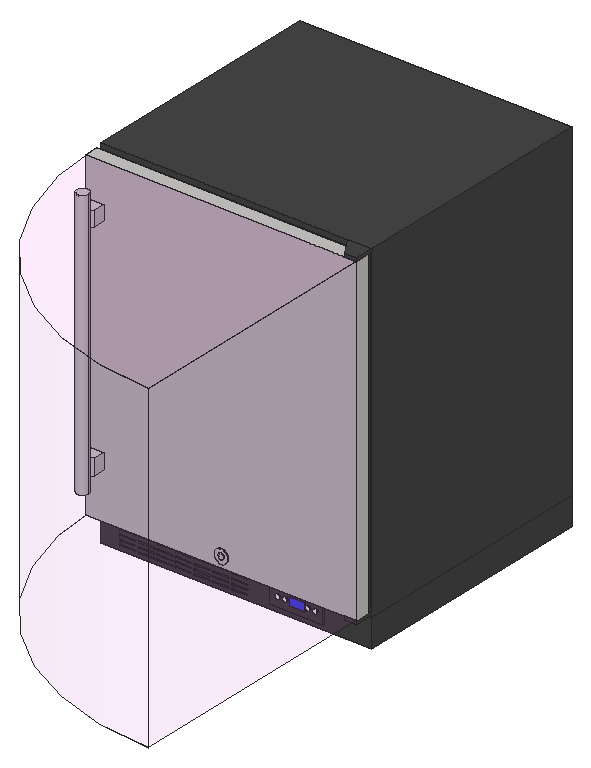
Revit family "QF_Summit_ALFZ51_Frost_Free_All_Freezer", category Specialty Equipment, Revit 2020
Family settings
  Round Connector Dimension = Use Diameter
  Part Type = Normal
  Work Plane-Based = No
  Always vertical = Yes
  Cut with Voids When Loaded = No
  Shared = No
  Room Calculation Point = No
Parameters
  Weight in Pounds = 95
  Watts = Volts * FL Amps  # 149.5 W
  Volts = 115 V
  URL Cutsheet = ""
  Specification by User = ""
  Specification by Manufacturer = ""
  Show Clearance [instance] = yes
  Serial Number = ""
  Seismic Rating = ""
  SMACNA No = ""
  Revision Code = ""
  Refrigerant Volume = 0.00 kip
  Refrigerant Type = "R600a"
  Phase = 1
  Number of Poles = 1
  NAFEM Spec ID Number = ""
  Model = "ALFZ51"
  Min Ckt Ampacity = 0 A
  Max Overcurrent Protection = 0 A
  Masterspec = ""
  Manufacturer = "Summit"
  Length = 23.38"
  Item Number = ""
  Installed By = ""
  Identify Quantity as Lot = yes
  Height = 31.63"
  HP = ""
  Furnished By = ""
  Foodservice Equipment Identifier = yes
  FL Amps = 1.3 A
  Electrical Remarks = ""
  Electric Connection Type = ""
  Elec Conn RI Height = 0"
  Elec Conn Connection Height = 0"
  Description = "Frost Free All Freezer"
  Depth = 23.38"
  Default Elevation = 0"
  Cycle = 60 Hz
  Conn Plug = ""
  Conn Conduit = yes
  CSI MasterFormat = ""
  BTUH = 0.0 Btu/h
  Apparent Power = if(Phase = 3, Volts * FL Amps * 1.73, Volts * FL Amps)  # 149.5 VA
Reference planes (in)
  plane 1 "BACK": y = 0
  plane 2: z = 0
  plane 3 "LEFT": x = 0
  plane 4 "RIGHT": x = 23.38
  plane 5 "FRONT": y = -23.38
  plane 6 "TOP": z = 31.63
  plane 7 "Center Y": x = 11.69
  plane 8 "Center X": y = -11.69
Dimensions and locks (in)
  equal spacing: plane 3 "LEFT", plane 7 "Center Y", plane 4 "RIGHT"
  "Length": plane 3 "LEFT" to plane 4 "RIGHT"
  equal spacing: plane 5 "FRONT", plane 8 "Center X", plane 1 "BACK"
  "Depth": plane 5 "FRONT" to plane 1 "BACK"
  "Height": plane 6 "TOP" to level
  aligned and locked: level to plane 2
Nested families (in)
  nested 1: "ALFZ51" at (0, 0, 0), Show Clearance <- "Show Clearance", type "ALFZ51"
    with Show Clearance yes
Connectors (in)
  electrical at (19.93943, -0.21875, 1.68737), driven by "Volts", driven by "Watts"
    settings: on nested 1, index 1, voltage 115 V, apparent load 149.5 VA, apparent load phase1 0 VA, apparent load phase2 0 VA, apparent load phase3 0 VA, power factor 1, load classification "Other", number of poles 1, system type 30, power factor state 1, is connector primary yes, connector utility no, sub classification motor no, connector description "ELECTRICAL CONNECTION"
Definition of nested family "ALFZ51"
  Parameters (values of type "ALFZ51")
    Weight in Pounds = 0
    URL Cutsheet = ""
    Specification by User = ""
    Specification by Manufacturer = ""
    Show Clearance [instance] = yes
    Serial Number = ""
    Seismic Rating = ""
    SMACNA No = ""
    Revision Code = ""
    NAFEM Spec ID Number = ""
    Masterspec = ""
    Length = 23.38"
    Item Number = ""
    Installed By = ""
    Identify Quantity as Lot = yes
    Height = 31.63"
    Furnished By = ""
    Foodservice Equipment Identifier = yes
    Depth = 23.38"
    Default Elevation = 0"
    CSI MasterFormat = ""
  Reference planes (in)
    plane 1 "BACK": y = 0
    plane 2: z = 0
    plane 3 "LEFT": x = 0
    plane 4 "RIGHT": x = 23.38
    plane 5 "FRONT": y = -23.38
    plane 6 "TOP": z = 31.63
    plane 7 "Center Y": x = 11.69
    plane 8 "Center X": y = -11.69
    plane 9: y = -45.75
  Forms (in)
    Extrusion 1, solid
      sketch origin (-1.19858, -180, 3.125) x (-1, 0, 0) y (0, -1, 0)
        loop
          line (-1.19858, -179.75) -> (-1.19858, -158.25) -> (-24.57858, -158.25) -> (-24.57858, -179.75) -> (-1.19858, -179.75)
      from 0 to 28.505
    Extrusion 2, solid
      sketch origin (-1.19858, -180, 0.75) x (-1, 0, 0) y (0, -1, 0)
        loop
          line (-1.19858, -179.75) -> (-1.19858, -158.25) -> (-24.57858, -158.25) -> (-24.57858, -179.75) -> (-1.19858, -179.75)
      from 0 to 2.375
    Extrusion 3, solid
      sketch origin (-1.19858, -180, 3.625) x (-1, 0, 0) y (0, -1, 0)
        loop
          line (-1.19858, -157.81559) -> (-1.19858, -156.62) -> (-24.57858, -156.62) -> (-24.57858, -157.81559) -> (-1.19858, -157.81559)
      from 0 to 27.755
    Extrusion 4, solid
      sketch origin (-1.19858, -180, 3.875) x (-1, 0, 0) y (0, -1, 0)
        loop
          line (-1.391, -158.25) -> (-1.391, -157.81559) -> (-24.38717, -157.81559) -> (-24.38717, -158.25) -> (-1.391, -158.25)
      from 0 to 27.2937
    Extrusion 5, solid
      sketch origin (19.07079, -23.38, 3.625) x (-1, 0, 0) y (0, 0, -1)
        loop
          circle (7.34954, -0.91071) r 0.58585
        loop
          circle (7.34954, -0.91071) r 0.25
      from 0 to 0.03125
    Extrusion 6, solid
      sketch origin (19.07079, -23.38, 3.625) x (-1, 0, 0) y (0, 0, -1)
        loop
          circle (7.34954, -0.91071) r 0.24329
      from 0 to 0.03125
    Extrusion 7, void
      sketch origin (24.38723, -21.75, 0.75) x (1, 0, 0) y (0, 0, -1)
        loop
          line (-22.653, -2.26458) -> (-21.38384, -2.26458)
          arc (-21.38384, -2.26458) -> (-21.29009, -2.17083) -> (-21.38384, -2.07708) r 0.09375
          line (-21.38384, -2.07708) -> (-22.653, -2.07708)
          arc (-22.653, -2.07708) -> (-22.74675, -2.17083) -> (-22.653, -2.26458) r 0.09375
        loop
          line (-22.653, -1.79583) -> (-21.38384, -1.79583)
          arc (-21.38384, -1.79583) -> (-21.29009, -1.70208) -> (-21.38384, -1.60833) r 0.09375
          line (-21.38384, -1.60833) -> (-22.653, -1.60833)
          arc (-22.653, -1.60833) -> (-22.74675, -1.70208) -> (-22.653, -1.79583) r 0.09375
        loop
          line (-22.653, -1.29583) -> (-21.38384, -1.29583)
          arc (-21.38384, -1.29583) -> (-21.29009, -1.20208) -> (-21.38384, -1.10833) r 0.09375
          line (-21.38384, -1.10833) -> (-22.653, -1.10833)
          arc (-22.653, -1.10833) -> (-22.74675, -1.20208) -> (-22.653, -1.29583) r 0.09375
        loop
          line (-22.653, -0.89871) -> (-21.38384, -0.89871)
          arc (-21.38384, -0.89871) -> (-21.29009, -0.80496) -> (-21.38384, -0.71121) r 0.09375
          line (-21.38384, -0.71121) -> (-22.653, -0.71121)
          arc (-22.653, -0.71121) -> (-22.74675, -0.80496) -> (-22.653, -0.89871) r 0.09375
        loop
          line (-22.653, -0.51652) -> (-21.38384, -0.51652)
          arc (-21.38384, -0.51652) -> (-21.29009, -0.42277) -> (-21.38384, -0.32902) r 0.09375
          line (-21.38384, -0.32902) -> (-22.653, -0.32902)
          arc (-22.653, -0.32902) -> (-22.74675, -0.42277) -> (-22.653, -0.51652) r 0.09375
        loop
          line (-21.00163, -2.26458) -> (-19.73247, -2.26458)
          arc (-19.73247, -2.26458) -> (-19.63872, -2.17083) -> (-19.73247, -2.07708) r 0.09375
          line (-19.73247, -2.07708) -> (-21.00163, -2.07708)
          arc (-21.00163, -2.07708) -> (-21.09538, -2.17083) -> (-21.00163, -2.26458) r 0.09375
        loop
          line (-21.00163, -1.79583) -> (-19.73247, -1.79583)
          arc (-19.73247, -1.79583) -> (-19.63872, -1.70208) -> (-19.73247, -1.60833) r 0.09375
          line (-19.73247, -1.60833) -> (-21.00163, -1.60833)
          arc (-21.00163, -1.60833) -> (-21.09538, -1.70208) -> (-21.00163, -1.79583) r 0.09375
        loop
          line (-21.00163, -1.29583) -> (-19.73247, -1.29583)
          arc (-19.73247, -1.29583) -> (-19.63872, -1.20208) -> (-19.73247, -1.10833) r 0.09375
          line (-19.73247, -1.10833) -> (-21.00163, -1.10833)
          arc (-21.00163, -1.10833) -> (-21.09538, -1.20208) -> (-21.00163, -1.29583) r 0.09375
        loop
          line (-21.00163, -0.89871) -> (-19.73247, -0.89871)
          arc (-19.73247, -0.89871) -> (-19.63872, -0.80496) -> (-19.73247, -0.71121) r 0.09375
          line (-19.73247, -0.71121) -> (-21.00163, -0.71121)
          arc (-21.00163, -0.71121) -> (-21.09538, -0.80496) -> (-21.00163, -0.89871) r 0.09375
        loop
          line (-21.00163, -0.51652) -> (-19.73247, -0.51652)
          arc (-19.73247, -0.51652) -> (-19.63872, -0.42277) -> (-19.73247, -0.32902) r 0.09375
          line (-19.73247, -0.32902) -> (-21.00163, -0.32902)
          arc (-21.00163, -0.32902) -> (-21.09538, -0.42277) -> (-21.00163, -0.51652) r 0.09375
        loop
          line (-19.41639, -2.26458) -> (-18.14723, -2.26458)
          arc (-18.14723, -2.26458) -> (-18.05348, -2.17083) -> (-18.14723, -2.07708) r 0.09375
          line (-18.14723, -2.07708) -> (-19.41639, -2.07708)
          arc (-19.41639, -2.07708) -> (-19.51014, -2.17083) -> (-19.41639, -2.26458) r 0.09375
        loop
          line (-19.41639, -1.79583) -> (-18.14723, -1.79583)
          arc (-18.14723, -1.79583) -> (-18.05348, -1.70208) -> (-18.14723, -1.60833) r 0.09375
          line (-18.14723, -1.60833) -> (-19.41639, -1.60833)
          arc (-19.41639, -1.60833) -> (-19.51014, -1.70208) -> (-19.41639, -1.79583) r 0.09375
        loop
          line (-19.41639, -1.29583) -> (-18.14723, -1.29583)
          arc (-18.14723, -1.29583) -> (-18.05348, -1.20208) -> (-18.14723, -1.10833) r 0.09375
          line (-18.14723, -1.10833) -> (-19.41639, -1.10833)
          arc (-19.41639, -1.10833) -> (-19.51014, -1.20208) -> (-19.41639, -1.29583) r 0.09375
        loop
          line (-19.41639, -0.89871) -> (-18.14723, -0.89871)
          arc (-18.14723, -0.89871) -> (-18.05348, -0.80496) -> (-18.14723, -0.71121) r 0.09375
          line (-18.14723, -0.71121) -> (-19.41639, -0.71121)
          arc (-19.41639, -0.71121) -> (-19.51014, -0.80496) -> (-19.41639, -0.89871) r 0.09375
        loop
          line (-19.41639, -0.51652) -> (-18.14723, -0.51652)
          arc (-18.14723, -0.51652) -> (-18.05348, -0.42277) -> (-18.14723, -0.32902) r 0.09375
          line (-18.14723, -0.32902) -> (-19.41639, -0.32902)
          arc (-19.41639, -0.32902) -> (-19.51014, -0.42277) -> (-19.41639, -0.51652) r 0.09375
        loop
          line (-17.85389, -2.26458) -> (-16.58473, -2.26458)
          arc (-16.58473, -2.26458) -> (-16.49098, -2.17083) -> (-16.58473, -2.07708) r 0.09375
          line (-16.58473, -2.07708) -> (-17.85389, -2.07708)
          arc (-17.85389, -2.07708) -> (-17.94764, -2.17083) -> (-17.85389, -2.26458) r 0.09375
        loop
          line (-17.85389, -1.79583) -> (-16.58473, -1.79583)
          arc (-16.58473, -1.79583) -> (-16.49098, -1.70208) -> (-16.58473, -1.60833) r 0.09375
          line (-16.58473, -1.60833) -> (-17.85389, -1.60833)
          arc (-17.85389, -1.60833) -> (-17.94764, -1.70208) -> (-17.85389, -1.79583) r 0.09375
        loop
          line (-17.85389, -1.29583) -> (-16.58473, -1.29583)
          arc (-16.58473, -1.29583) -> (-16.49098, -1.20208) -> (-16.58473, -1.10833) r 0.09375
          line (-16.58473, -1.10833) -> (-17.85389, -1.10833)
          arc (-17.85389, -1.10833) -> (-17.94764, -1.20208) -> (-17.85389, -1.29583) r 0.09375
        loop
          line (-17.85389, -0.89871) -> (-16.58473, -0.89871)
          arc (-16.58473, -0.89871) -> (-16.49098, -0.80496) -> (-16.58473, -0.71121) r 0.09375
          line (-16.58473, -0.71121) -> (-17.85389, -0.71121)
          arc (-17.85389, -0.71121) -> (-17.94764, -0.80496) -> (-17.85389, -0.89871) r 0.09375
        loop
          line (-17.85389, -0.51652) -> (-16.58473, -0.51652)
          arc (-16.58473, -0.51652) -> (-16.49098, -0.42277) -> (-16.58473, -0.32902) r 0.09375
          line (-16.58473, -0.32902) -> (-17.85389, -0.32902)
          arc (-17.85389, -0.32902) -> (-17.94764, -0.42277) -> (-17.85389, -0.51652) r 0.09375
        loop
          line (-16.22889, -2.26458) -> (-14.95973, -2.26458)
          arc (-14.95973, -2.26458) -> (-14.86598, -2.17083) -> (-14.95973, -2.07708) r 0.09375
          line (-14.95973, -2.07708) -> (-16.22889, -2.07708)
          arc (-16.22889, -2.07708) -> (-16.32264, -2.17083) -> (-16.22889, -2.26458) r 0.09375
        loop
          line (-16.22889, -1.79583) -> (-14.95973, -1.79583)
          arc (-14.95973, -1.79583) -> (-14.86598, -1.70208) -> (-14.95973, -1.60833) r 0.09375
          line (-14.95973, -1.60833) -> (-16.22889, -1.60833)
          arc (-16.22889, -1.60833) -> (-16.32264, -1.70208) -> (-16.22889, -1.79583) r 0.09375
        loop
          line (-16.22889, -1.29583) -> (-14.95973, -1.29583)
          arc (-14.95973, -1.29583) -> (-14.86598, -1.20208) -> (-14.95973, -1.10833) r 0.09375
          line (-14.95973, -1.10833) -> (-16.22889, -1.10833)
          arc (-16.22889, -1.10833) -> (-16.32264, -1.20208) -> (-16.22889, -1.29583) r 0.09375
        loop
          line (-16.22889, -0.89871) -> (-14.95973, -0.89871)
          arc (-14.95973, -0.89871) -> (-14.86598, -0.80496) -> (-14.95973, -0.71121) r 0.09375
          line (-14.95973, -0.71121) -> (-16.22889, -0.71121)
          arc (-16.22889, -0.71121) -> (-16.32264, -0.80496) -> (-16.22889, -0.89871) r 0.09375
        loop
          line (-16.22889, -0.51652) -> (-14.95973, -0.51652)
          arc (-14.95973, -0.51652) -> (-14.86598, -0.42277) -> (-14.95973, -0.32902) r 0.09375
          line (-14.95973, -0.32902) -> (-16.22889, -0.32902)
          arc (-16.22889, -0.32902) -> (-16.32264, -0.42277) -> (-16.22889, -0.51652) r 0.09375
        loop
          line (-14.61518, -2.26458) -> (-13.34603, -2.26458)
          arc (-13.34603, -2.26458) -> (-13.25228, -2.17083) -> (-13.34603, -2.07708) r 0.09375
          line (-13.34603, -2.07708) -> (-14.61518, -2.07708)
          arc (-14.61518, -2.07708) -> (-14.70893, -2.17083) -> (-14.61518, -2.26458) r 0.09375
        loop
          line (-14.61518, -1.79583) -> (-13.34603, -1.79583)
          arc (-13.34603, -1.79583) -> (-13.25228, -1.70208) -> (-13.34603, -1.60833) r 0.09375
          line (-13.34603, -1.60833) -> (-14.61518, -1.60833)
          arc (-14.61518, -1.60833) -> (-14.70893, -1.70208) -> (-14.61518, -1.79583) r 0.09375
        loop
          line (-14.61518, -1.29583) -> (-13.34603, -1.29583)
          arc (-13.34603, -1.29583) -> (-13.25228, -1.20208) -> (-13.34603, -1.10833) r 0.09375
          line (-13.34603, -1.10833) -> (-14.61518, -1.10833)
          arc (-14.61518, -1.10833) -> (-14.70893, -1.20208) -> (-14.61518, -1.29583) r 0.09375
        loop
          line (-14.61518, -0.89871) -> (-13.34603, -0.89871)
          arc (-13.34603, -0.89871) -> (-13.25228, -0.80496) -> (-13.34603, -0.71121) r 0.09375
          line (-13.34603, -0.71121) -> (-14.61518, -0.71121)
          arc (-14.61518, -0.71121) -> (-14.70893, -0.80496) -> (-14.61518, -0.89871) r 0.09375
        loop
          line (-14.61518, -0.51652) -> (-13.34603, -0.51652)
          arc (-13.34603, -0.51652) -> (-13.25228, -0.42277) -> (-13.34603, -0.32902) r 0.09375
          line (-13.34603, -0.32902) -> (-14.61518, -0.32902)
          arc (-14.61518, -0.32902) -> (-14.70893, -0.42277) -> (-14.61518, -0.51652) r 0.09375
        loop
          line (-12.95893, -2.26458) -> (-11.68978, -2.26458)
          arc (-11.68978, -2.26458) -> (-11.59603, -2.17083) -> (-11.68978, -2.07708) r 0.09375
          line (-11.68978, -2.07708) -> (-12.95893, -2.07708)
          arc (-12.95893, -2.07708) -> (-13.05268, -2.17083) -> (-12.95893, -2.26458) r 0.09375
        loop
          line (-12.95893, -1.79583) -> (-11.68978, -1.79583)
          arc (-11.68978, -1.79583) -> (-11.59603, -1.70208) -> (-11.68978, -1.60833) r 0.09375
          line (-11.68978, -1.60833) -> (-12.95893, -1.60833)
          arc (-12.95893, -1.60833) -> (-13.05268, -1.70208) -> (-12.95893, -1.79583) r 0.09375
        loop
          line (-12.95893, -1.29583) -> (-11.68978, -1.29583)
          arc (-11.68978, -1.29583) -> (-11.59603, -1.20208) -> (-11.68978, -1.10833) r 0.09375
          line (-11.68978, -1.10833) -> (-12.95893, -1.10833)
          arc (-12.95893, -1.10833) -> (-13.05268, -1.20208) -> (-12.95893, -1.29583) r 0.09375
        loop
          line (-12.95893, -0.89871) -> (-11.68978, -0.89871)
          arc (-11.68978, -0.89871) -> (-11.59603, -0.80496) -> (-11.68978, -0.71121) r 0.09375
          line (-11.68978, -0.71121) -> (-12.95893, -0.71121)
          arc (-12.95893, -0.71121) -> (-13.05268, -0.80496) -> (-12.95893, -0.89871) r 0.09375
        loop
          line (-12.95893, -0.51652) -> (-11.68978, -0.51652)
          arc (-11.68978, -0.51652) -> (-11.59603, -0.42277) -> (-11.68978, -0.32902) r 0.09375
          line (-11.68978, -0.32902) -> (-12.95893, -0.32902)
          arc (-12.95893, -0.32902) -> (-13.05268, -0.42277) -> (-12.95893, -0.51652) r 0.09375
      from 0 to 0.50702
    Extrusion 8, solid
      sketch origin (24.38723, -21.75, 0.75) x (-1, 0, 0) y (0, 0, -1)
        loop
          line (9.80892, -1.91051) -> (9.80892, -0.41051) -> (5.18918, -0.41051) -> (5.18918, -1.91051) -> (9.80892, -1.91051)
      from 0 to 0.03125
    Extrusion 9, solid
      sketch origin (24.38723, -21.78125, 0.75) x (-1, 0, 0) y (0, 0, -1)
        loop
          line (8.06423, -1.56812) -> (8.06423, -0.87455) -> (6.76379, -0.87455) -> (6.76379, -1.56812) -> (8.06423, -1.56812)
      from 0 to 0.03125
    Extrusion 10, solid
      sketch origin (24.38723, -21.78125, 0.75) x (-1, 0, 0) y (0, 0, -1)
        loop
          circle (9.06413, -1.25023) r 0.19073
        loop
          circle (8.45383, -1.25023) r 0.19073
        loop
          circle (6.44933, -1.25023) r 0.19073
        loop
          circle (5.83903, -1.25023) r 0.19073
      from 0 to 0.03125
    Extrusion 11, solid
      sketch origin (-2.00131, -180, 28.13) x (-1, 0, 0) y (0, -1, 0)
        loop
          line (-2.34765, -156.62) -> (-2.34765, -155.62) -> (-2.59765, -155.37) -> (-3.34765, -155.37) -> (-3.59765, -155.62) -> (-3.59765, -156.62) -> (-2.34765, -156.62)
      from 0 to -1.25595
    Extrusion 12, solid
      sketch origin (-2.53583, -180, 29.51395) x (-1, 0, 0) y (0, -1, 0)
        loop
          circle (-3.50018, -155.12) r 0.5
      from 0 to -23.07716
    Extrusion 13, solid
      sketch origin (-3.72213, -180, 7.66347) x (-1, 0, 0) y (0, -1, 0)
        loop
          line (-4.06848, -156.62) -> (-4.06848, -155.62) -> (-4.31848, -155.37) -> (-5.06848, -155.37) -> (-5.31848, -155.62) -> (-5.31848, -156.62) -> (-4.06848, -156.62)
      from 0 to 1.33245
    Extrusion 14, solid
      sketch origin (-1.19858, -180, 31.38) x (-1, 0, 0) y (0, -1, 0)
        loop
          line (-22.49413, -158.25) -> (-23.51267, -156.62) -> (-24.57858, -156.62) -> (-24.57858, -158.25) -> (-22.49413, -158.25)
      from 0 to 0.25
    Extrusion 15, solid
      sketch origin (-1.19858, -180, 31.38) x (-1, 0, 0) y (0, -1, 0)
        loop
          line (-22.49413, -158.25) -> (-23.51267, -156.62) -> (-24.57858, -156.62) -> (-24.57858, -158.25) -> (-22.49413, -158.25)
      from 0 to 0.25
    Extrusion 16, solid
      sketch origin (-1.19858, -180, 3.625) x (0, -1, 0) y (-1, 0, 0)
        loop
          line (-158.25, -22.49413) -> (-158.25, -24.57858) -> (-156.62, -24.57858) -> (-156.62, -23.51267) -> (-158.25, -22.49413)
      from 0 to 0.25
    Extrusion 17, solid
      sketch origin (0, -7.14457, 29.10097) x (0, -1, 0) y (1, 0, 0)
        loop
          line (-7.14457, 0.92086) -> (-6.89457, 0.92086) -> (-6.89457, 22.40146) -> (-7.14457, 22.40146) -> (-7.14457, 0.92086)
      from 0 to -20.10505
    Extrusion 18, solid
      sketch origin (0, -0.25, 0.75) x (1, 0, 0) y (0, 0, -1)
        loop
          circle (19.93943, -0.93737) r 0.25
      from 0 to 0.03125
    Revolve 19, solid
      sketch origin (0, -17.75, 0) x (1, 0, 0) y (0, 0, 1)
        loop
          line (1.75, 0.75) -> (1.75, 0) -> (2.25, 0) -> (2.30748, 0.65698) -> (2, 0.65698) -> (2, 0.75) -> (1.75, 0.75)
        axis (1.75, 0.75) -> (1.75, 0)
      angle from 0 to 360
    Revolve 20, solid
      sketch origin (23.505, -17.75, 0) x (-1, 0, 0) y (0, 0, 1)
        loop
          line (1.75, 0.75) -> (1.75, 0) -> (2.25, 0) -> (2.30748, 0.65698) -> (2, 0.65698) -> (2, 0.75) -> (1.75, 0.75)
        axis (1.75, 0.75) -> (1.75, 0)
      angle from 0 to 360
    Revolve 21, solid
      sketch origin (0, -4.25, 0) x (1, 0, 0) y (0, 0, 1)
        loop
          line (1.75, 0.75) -> (1.75, 0) -> (2.25, 0) -> (2.30748, 0.65698) -> (2, 0.65698) -> (2, 0.75) -> (1.75, 0.75)
        axis (1.75, 0.75) -> (1.75, 0)
      angle from 0 to 360
    Revolve 22, solid
      sketch origin (23.505, -4.25, 0) x (-1, 0, 0) y (0, 0, 1)
        loop
          line (1.75, 0.75) -> (1.75, 0) -> (2.25, 0) -> (2.30748, 0.65698) -> (2, 0.65698) -> (2, 0.75) -> (1.75, 0.75)
        axis (1.75, 0.75) -> (1.75, 0)
      angle from 0 to 360
    Extrusion 23, solid, visible <- "Show Clearance"
      sketch origin (-1.19858, -180, 3.625) x (0, -1, 0) y (1, 0, 0)
        loop
          line (-157.81559, 24.57858) -> (-157.81559, 1.19858)
          arc (-157.81559, 1.19858) -> (-141.16333, 7.98046) -> (-134.25, 24.57858) r 23.38
          line (-134.25, 24.57858) -> (-157.81559, 24.57858)
      from 0 to 27.755
  Cuts and joins
    Extrusion 7 cuts Extrusion 2
    joined: Extrusion 2, Extrusion 8
    joined: Extrusion 3, Extrusion 11, Extrusion 12, Extrusion 13
    joined: Extrusion 1, Extrusion 14, Extrusion 16, Extrusion 17
  Lines and regions (in)
    symbolic lines
      curve 1: line (23.38, -0.25, 0) -> (0, -0.25, 0)
      curve 2: line (0.92086, 0, 0) -> (0.92086, -0.25, 0)
      curve 3: line (22.40146, 0, 0) -> (0.92086, 0, 0)
      curve 4: line (22.40146, -0.25, 0) -> (22.40146, 0, 0)
      curve 5: line (23.38, -23.38, 0) -> (23.38, -0.25, 0)
      curve 6: line (0, -0.25, 0) -> (0, -21.75, 0)
      curve 7: line (0, -21.75, 0) -> (23.38, -21.75, 0)
      curve 8: line (21.29555, -21.75, 0) -> (22.31409, -23.38, 0)
      curve 9: line (0, -23.38, 0) -> (23.38, -23.38, 0)
      curve 10: line (21.567, -22.18441, 0) -> (0, -22.18441, 0)
      curve 11: line (0, -22.18441, 0) -> (0, -23.38, 0)
      curve 12: line (0.34635, -23.38, 0) -> (0.34635, -24.38, 0)
      curve 13: line (0.34635, -24.38, 0) -> (0.55675, -24.59041, 0)
      curve 14: line (1.37769, -24.59866, 0) -> (1.59635, -24.38, 0)
      curve 15: line (1.59635, -24.38, 0) -> (1.59635, -23.38, 0)
      curve 16: arc (1.46435, -24.88, 0) -> (0.96435, -24.38, 0) -> (0.46435, -24.88, 0) r 0.5
      curve 17: arc (0.46435, -24.88, 0) -> (0.96435, -25.38, 0) -> (1.46435, -24.88, 0) r 0.5
      curve 20: line (0.19242, -22.18441, 0) -> (0.19242, -21.75, 0)
    symbolic lines, visible <- "Show Clearance"
      curve 18: arc (0, -22.18441, 0) -> (0.75177, -28.25394, 0) -> (3.05189, -33.92085, 0) r 23.38
      curve 19: line (23.38, -22.18441, 0) -> (3.05189, -33.92085, 0)
  Dimensions and locks (in)
    equal spacing: plane 3 "LEFT", plane 7 "Center Y", plane 4 "RIGHT"
    "Length": plane 3 "LEFT" to plane 4 "RIGHT"
    equal spacing: plane 5 "FRONT", plane 8 "Center X", plane 1 "BACK"
    "Depth": plane 5 "FRONT" to plane 1 "BACK"
    "Height": plane 6 "TOP" to level
    plane 1 "BACK" to plane 9 = 45 3/4"
    aligned and locked: level to plane 2
  Automatic sketch dimensions
    Extrusion 1 sketch curve to plane 4 "RIGHT" = 0"
    Extrusion 1 sketch curve to plane 3 "LEFT" = 0"
    Extrusion 2 sketch curve to plane 4 "RIGHT" = 0"
    Extrusion 2 sketch curve to plane 3 "LEFT" = 0"
    Extrusion 3 sketch curve to plane 4 "RIGHT" = 0"
    Extrusion 3 sketch curve to plane 3 "LEFT" = 0"
    plane 5 "FRONT" to Extrusion 3 sketch curve = 0"
    plane 4 "RIGHT" to Extrusion 4 sketch curve = 49/256"
    plane 3 "LEFT" to Extrusion 4 sketch curve = 0.19242"
    Extrusion 4 sketch curve to Extrusion 4 sketch curve = 0.43441"
    Extrusion 5 sketch curve to Extrusion 5 sketch curve = 0"  (x2)
    Extrusion 3 to Extrusion 5 sketch curve = 0.91071"
    Extrusion 5 sketch curve to Extrusion 3 = 11.65875"
    Extrusion 3 to Extrusion 6 sketch curve = 0.91071"
    Extrusion 6 sketch curve to Extrusion 3 = 11.65875"
    Extrusion 7 sketch curve to Extrusion 2 = 0.11042"  (x7)
    Extrusion 7 sketch curve to Extrusion 2 = 1.73423"
    Extrusion 7 sketch curve to Extrusion 2 = 0.42277"
    Extrusion 7 sketch curve to Extrusion 7 sketch curve = 0"  (x50)
    Extrusion 7 sketch curve to Extrusion 7 sketch curve = 1.26916"  (x7)
    Extrusion 7 sketch curve to Extrusion 7 sketch curve = 0.38221"  (x2)
    Extrusion 7 sketch curve to Extrusion 7 sketch curve = 0.31608"  (x2)
    Extrusion 7 sketch curve to Extrusion 7 sketch curve = 0.29334"  (x3)
    Extrusion 7 sketch curve to Extrusion 7 sketch curve = 0.35584"  (x2)
    Extrusion 7 sketch curve to Extrusion 7 sketch curve = 0.34455"  (x2)
    Extrusion 7 sketch curve to Extrusion 7 sketch curve = 0.38709"  (x2)
    Extrusion 7 sketch curve to Extrusion 7 sketch curve = 3/32"  (x35)
    Extrusion 7 sketch curve to Extrusion 7 sketch curve = 9/32"  (x7)
    Extrusion 7 sketch curve to Extrusion 7 sketch curve = 5/16"  (x6)
    Extrusion 7 sketch curve to Extrusion 7 sketch curve = 0.20963"  (x7)
    Extrusion 7 sketch curve to Extrusion 7 sketch curve = 0.19469"  (x6)
    Extrusion 2 to Extrusion 8 sketch curve = 0.46449"
    Extrusion 8 sketch curve to Extrusion 2 = 4.18195"
    Extrusion 2 to Extrusion 8 sketch curve = 0.41051"
    Extrusion 8 sketch curve to Extrusion 8 sketch curve = 4.61973"
    Extrusion 9 sketch curve to Extrusion 8 = 0.34239"
    Extrusion 9 sketch curve to Extrusion 8 = 1.57461"
    Extrusion 9 sketch curve to Extrusion 8 = 0.46404"
    Extrusion 9 sketch curve to Extrusion 9 sketch curve = 1.30044"
    Extrusion 10 sketch curve to Extrusion 8 = 0.64985"
    Extrusion 10 sketch curve to Extrusion 10 sketch curve = 0.6103"  (x2)
    Extrusion 10 sketch curve to Extrusion 8 = 0.66027"  (x2)
    Extrusion 10 sketch curve to Extrusion 8 = 1.35509"
    Extrusion 10 sketch curve to Extrusion 10 sketch curve = 0"  (x2)
    plane 5 "FRONT" to Extrusion 11 sketch curve = 0"
    plane 3 "LEFT" to Extrusion 11 sketch curve = 1.59635"
    Extrusion 11 sketch curve to Extrusion 11 sketch curve = 1/4"  (x2)
    plane 3 "LEFT" to Extrusion 11 sketch curve = 0.59635"
    plane 3 "LEFT" to Extrusion 11 sketch curve = 0.34635"
    plane 5 "FRONT" to Extrusion 11 sketch curve = 1"  (x2)
    plane 3 "LEFT" to Extrusion 12 sketch curve = 0.96435"
    plane 5 "FRONT" to Extrusion 13 sketch curve = 0"
    plane 3 "LEFT" to Extrusion 13 sketch curve = 1.59635"
    Extrusion 13 sketch curve to Extrusion 13 sketch curve = 1/4"  (x2)
    plane 3 "LEFT" to Extrusion 13 sketch curve = 0.59635"
    plane 3 "LEFT" to Extrusion 13 sketch curve = 0.34635"
    plane 5 "FRONT" to Extrusion 13 sketch curve = 1"  (x2)
    Extrusion 14 sketch curve to Extrusion 3 = 0"
    Extrusion 3 to Extrusion 14 sketch curve = 0"
    Extrusion 14 sketch curve to Extrusion 3 = 1.06591"
    Extrusion 3 to Extrusion 14 sketch curve = 0.43441"
    Extrusion 14 sketch curve to Extrusion 14 sketch curve = 1.01854"
    Extrusion 15 sketch curve to Extrusion 3 = 0"
    Extrusion 3 to Extrusion 15 sketch curve = 0"
    Extrusion 15 sketch curve to Extrusion 3 = 1.06591"
    Extrusion 3 to Extrusion 15 sketch curve = 0.43441"
    Extrusion 15 sketch curve to Extrusion 15 sketch curve = 1.01854"
    Extrusion 16 sketch curve to Extrusion 3 = 0"  (x2)
    Extrusion 16 sketch curve to Extrusion 3 = 0.43441"
    Extrusion 3 to Extrusion 16 sketch curve = 1.06591"
    Extrusion 16 sketch curve to Extrusion 16 sketch curve = 1.01854"
    plane 1 "BACK" to Extrusion 17 sketch curve = 0"
    plane 3 "LEFT" to Extrusion 17 sketch curve = 0.92086"
    plane 4 "RIGHT" to Extrusion 17 sketch curve = 0.97854"
    Extrusion 2 to Extrusion 18 sketch curve = 0.93737"
    Extrusion 18 sketch curve to Extrusion 2 = 3.44057"
    Revolve 19 sketch curve to level = 0"
    plane 3 "LEFT" to Revolve 19 sketch curve = 1 3/4"
    Revolve 19 sketch curve to Revolve 19 sketch curve = 1/4"  (x2)
    Revolve 19 sketch curve to Revolve 19 sketch curve = 1/2"
    Revolve 19 sketch curve to Revolve 19 sketch curve = 0.30748"
    Revolve 19 sketch curve to Revolve 19 sketch curve = 0"  (x2)
    Revolve 20 sketch curve to level = 0"
    Revolve 20 sketch curve to plane 4 "RIGHT" = 1 5/8"
    Revolve 20 sketch curve to Revolve 20 sketch curve = 1/4"  (x2)
    Revolve 20 sketch curve to Revolve 20 sketch curve = 1/2"
    Revolve 20 sketch curve to Revolve 20 sketch curve = 0.30748"
    Revolve 20 sketch curve to Revolve 20 sketch curve = 0"  (x2)
    Revolve 21 sketch curve to level = 0"
    plane 3 "LEFT" to Revolve 21 sketch curve = 1 3/4"
    Revolve 21 sketch curve to Revolve 21 sketch curve = 1/4"  (x2)
    Revolve 21 sketch curve to Revolve 21 sketch curve = 1/2"
    Revolve 21 sketch curve to Revolve 21 sketch curve = 0.30748"
    Revolve 21 sketch curve to Revolve 21 sketch curve = 0"  (x2)
    Revolve 22 sketch curve to level = 0"
    Revolve 22 sketch curve to plane 4 "RIGHT" = 1 5/8"
    Revolve 22 sketch curve to Revolve 22 sketch curve = 1/4"  (x2)
    Revolve 22 sketch curve to Revolve 22 sketch curve = 1/2"
    Revolve 22 sketch curve to Revolve 22 sketch curve = 0.30748"
    Revolve 22 sketch curve to Revolve 22 sketch curve = 0"  (x2)
    plane 1 "BACK" to Extrusion 1 sketch curve = 1/4"
    Extrusion 1 sketch curve to plane 5 "FRONT" = 1.63"
    plane 1 "BACK" to Extrusion 2 sketch curve = 1/4"
    Extrusion 2 sketch curve to plane 5 "FRONT" = 1.63"
    Extrusion 3 sketch curve to Extrusion 3 sketch curve = 1.19559"
    Extrusion 4 sketch curve to plane 5 "FRONT" = 1.63"
    plane 5 "FRONT" to Extrusion 12 sketch curve = 1 1/2"
    plane 1 "BACK" to Extrusion 17 sketch curve = 1/4"
    level to Revolve 19 sketch curve = 0.65698"
    Revolve 19 sketch curve to Revolve 19 sketch curve = 0.09302"
    Revolve 20 sketch curve to level = 0.65698"
    Revolve 20 sketch curve to Revolve 20 sketch curve = 0.09302"
    level to Revolve 21 sketch curve = 0.65698"
    Revolve 21 sketch curve to Revolve 21 sketch curve = 0.09302"
    Revolve 22 sketch curve to level = 0.65698"
    Revolve 22 sketch curve to Revolve 22 sketch curve = 0.09302"
    Extrusion 23 sketch curve to Extrusion 16 = 0"
    Extrusion 23 sketch curve to Extrusion 16 = 0.43441"
    Extrusion 23 sketch curve to Extrusion 16 = 0.00074"
    Extrusion 23 sketch curve to Extrusion 23 sketch curve = 0.18559"
    Extrusion 16 to Extrusion 23 sketch curve = 22.37"
    curve 11 to plane 3 "LEFT" = 0"
    curve 1 to plane 3 "LEFT" = 0"
    plane 5 "FRONT" to curve 12 = 0"
    plane 1 "BACK" to curve 2 = 0"
    curve 9 to plane 4 "RIGHT" = 0"
    plane 3 "LEFT" to curve 13 = 0.34635"
    plane 3 "LEFT" to curve 2 = 0.92086"
    curve 12 to curve 17 = 0.61801"
    curve 16 to curve 15 = 0.63199"
    plane 3 "LEFT" to curve 19 = 3.05189"
    plane 4 "RIGHT" to curve 4 = 0.97854"
    plane 4 "RIGHT" to curve 18 = 0.00074"
    plane 5 "FRONT" to curve 12 = 1"
    plane 5 "FRONT" to curve 15 = 1"
    curve 17 to curve 12 = 1/2"
    curve 19 to curve 16 = 9.04085"
    curve 5 to curve 18 = 1.01"
    curve 10 to curve 7 = 0.43441"
    plane 1 "BACK" to curve 6 = 1/4"
    curve 10 to curve 20 = 0.19242"
    plane 3 "LEFT" to curve 16 = 0.46435"
    curve 12 to curve 13 = 0.21041"
    plane 5 "FRONT" to curve 14 = 1.21866"
    plane 4 "RIGHT" to curve 8 = 2.08445"
    curve 8 to curve 10 = 0.27145"
    curve 18 to curve 19 = 0.18559"
    radius of Extrusion 5 sketch curve = 0.58585"
    radius of Extrusion 5 sketch curve = 1/4"
    radius of Extrusion 6 sketch curve = 0.24329"
    radius of Extrusion 10 sketch curve = 0.19073"  (x4)
    radius of Extrusion 12 sketch curve = 1/2"
    radius of Extrusion 18 sketch curve = 1/4"
